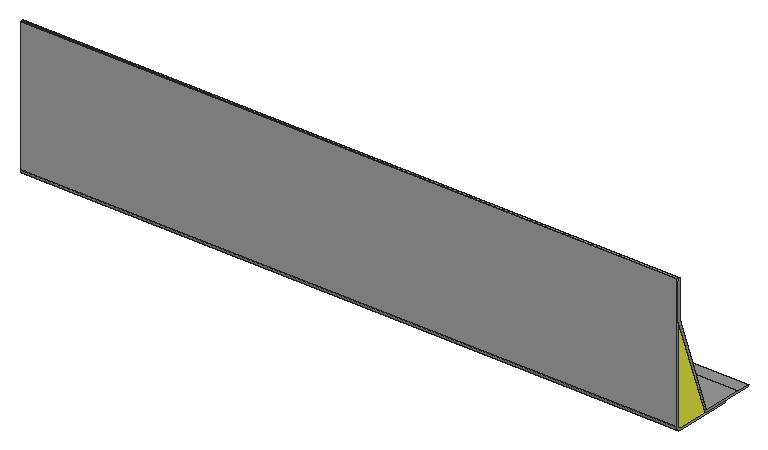
Revit family "XHDT K 70", category Generic Models, Revit 2014
Parameters (values of type "Max lintel length 4800mm")
  URL = "http://www.keystonelintels.co.uk"
  Structural Opening [instance] = 900 mm
  Structural Performance = "The Keystone lintel range has safe working loads as detailed in each applicable loading table in the Keystone Lintel Guide brochure. The structural performance figures within each table have been ascertained by testing in accordance with the requirements of standards BS EN 5977-2: 1983 and BS EN 845-2: 2003."
  RIBA Productor Selector = "available for Keystone Lintels Ltd from Keystone Lintels Ltd from ribaproductselector.com"
  Model = "XHDT/K 70"
  Min Length = 600 mm
  Min Clear Span = 300 mm
  Max Length = 4800 mm
  Max Clear Span = 4800 mm
  Material - Stainless Steel = "Grade 304 2b 1.4307 to BS EN 10088-2. Other grades available on request: contact manufacturer."
  Material - Galvanised Steel = "To BS EN 10346: 2009. DX51D plus Z600 or grade Z275 to BS 5977-2: 1983 (BS EN 845-2: 2003)."
  Manufacturer = "Keystone"
  Manufactured Length [instance] = (roundup(Effective Length / 150 mm) * 150 mm)  # 1200 mm
  Lintel height [instance] = 2100 mm
  Keynote = "F30/755"
  Fire Performance = "Keystone lintels have been subjected to a fire test (WARRES No. 101263) in accordance with BS 476-20: 1987, at Exova Warrington Fire and achieved a one hour fire performance."
  End Bearing = 150 mm
  Effective Length [instance] = Clear Opening with MIN MAX set + End Bearing * 2  # 1200 mm
  Corrosion = "Keystone’s standard range of lintels are manufactured from high quality grade pre-galvanized carbon steel with a zinc coating of 600"
  Contact Tel = "+44 (0)28 8676 2184"
  Contact Email = "info@keystonelintels.co.uk"
  Clear Opening with MIN MAX set [instance] = if(Structural Opening < Min Clear Span, Min Clear Span, (if(Structural Opening > Max Clear Span, Max Clear Span, Structural Opening)))  # 900 mm
  CPD Information = "Available for Keystone Lintels Ltd from ribacpd.com"
Reference planes
  plane 1 "Center (Front/Back)": y = 0
  plane 2: z = 0
  plane 3 "Center (Left/Right)": x = 0
  plane 4: x = -600
  plane 5: x = 600
  plane 6: z = 2100
  plane 7: x = -450
  plane 8: x = 450
Forms (mm)
  Extrusion 1, solid, material "Steel"
    sketch origin (0, 765.227, -488.291) x (0, 1, 0) y (0, 0, 1)
      loop
        line (-660.411, 2588.291) -> (-635.463, 2587.4) -> (-635.349, 2590.598) -> (-660.354, 2591.491) -> (-730.324, 2591.491)
        arc (-730.324, 2591.491) -> (-731.369, 2591.851) -> (-731.973, 2592.777) r 1.7
        line (-731.973, 2592.777) -> (-792.224, 2766.235) -> (-792.224, 2835.391) -> (-795.424, 2835.391) -> (-795.424, 2765.695) -> (-735.03, 2591.826)
        arc (-735.03, 2591.826) -> (-733.267, 2589.273) -> (-730.324, 2588.291) r 4.9
        line (-730.324, 2588.291) -> (-660.411, 2588.291)
    from -600 to 600
  Extrusion 2, solid, material "Steel"
    sketch origin (0, 765.227, -488.291) x (0, 1, 0) y (0, 0, 1)
      loop
        line (-790.424, 2585.091) -> (-689.313, 2585.091) -> (-689.313, 2588.291) -> (-790.424, 2588.291)
        arc (-790.424, 2588.291) -> (-793.959, 2589.756) -> (-795.424, 2593.291) r 5
        line (-795.424, 2593.291) -> (-795.424, 2835.391) -> (-798.624, 2835.391) -> (-798.624, 2593.291)
        arc (-798.624, 2593.291) -> (-796.222, 2587.493) -> (-790.424, 2585.091) r 8.2
    from -600 to 600
  Extrusion 3, solid, material "Insulation"
    sketch origin (0, 765.227, -488.291) x (0, 1, 0) y (0, 0, 1)
      loop
        arc (-730.324, 2588.291) -> (-733.267, 2589.273) -> (-735.03, 2591.826) r 4.9
        line (-735.03, 2591.826) -> (-795.424, 2765.695) -> (-795.424, 2593.291)
        arc (-795.424, 2593.291) -> (-793.959, 2589.756) -> (-790.424, 2588.291) r 5
        line (-790.424, 2588.291) -> (-730.324, 2588.291)
    from -600 to 600
  Extrusion 4, solid, not visible
    sketch origin (0, 966.354, 1328.059) x (0, 1, 0) y (0, 0, 1)
      loop
        line (-660.411, 988.291) -> (-635.463, 987.4) -> (-635.349, 990.598) -> (-660.354, 991.491) -> (-730.324, 991.491)
        arc (-730.324, 991.491) -> (-731.369, 991.851) -> (-731.973, 992.777) r 1.7
        line (-731.973, 992.777) -> (-792.224, 1166.235) -> (-792.224, 1235.391) -> (-795.424, 1235.391) -> (-795.424, 1165.695) -> (-735.03, 991.826)
        arc (-735.03, 991.826) -> (-733.267, 989.273) -> (-730.324, 988.291) r 4.9
        line (-730.324, 988.291) -> (-660.411, 988.291)
    from 0 to 250
  Extrusion 5, solid, not visible
    sketch origin (0, 652.211, 1268.22) x (0, 1, 0) y (0, 0, 1)
      loop
        line (-790.424, 985.091) -> (-689.313, 985.091) -> (-689.313, 988.291) -> (-790.424, 988.291)
        arc (-790.424, 988.291) -> (-793.959, 989.756) -> (-795.424, 993.291) r 5
        line (-795.424, 993.291) -> (-795.424, 1235.391) -> (-798.624, 1235.391) -> (-798.624, 993.291)
        arc (-798.624, 993.291) -> (-796.222, 987.493) -> (-790.424, 985.091) r 8.2
    from 0 to 250
  Extrusion 6, solid, not visible
    sketch origin (0, 1057.365, 824.187) x (0, 1, 0) y (0, 0, 1)
      loop
        arc (-730.324, 988.291) -> (-733.267, 989.273) -> (-735.03, 991.826) r 4.9
        line (-735.03, 991.826) -> (-795.424, 1165.695) -> (-795.424, 993.291)
        arc (-795.424, 993.291) -> (-793.959, 989.756) -> (-790.424, 988.291) r 5
        line (-790.424, 988.291) -> (-730.324, 988.291)
    from 0 to 250
Dimensions and locks
  equal spacing: plane 4, plane 3 "Center (Left/Right)", plane 5
  "Manufactured Length": plane 4 to plane 5
  "Lintel height": plane 6 to level
  "Structural Opening": plane 7 to plane 8
  equal spacing: plane 7, plane 3 "Center (Left/Right)", plane 8
  aligned and locked: level to plane 2
  aligned and locked: Extrusion 1 to plane 6
  aligned and locked: Extrusion 3 to plane 6
  aligned and locked: plane 6 to Extrusion 2
  aligned and locked: plane 5 to Extrusion 2
  aligned and locked: Extrusion 2 to plane 4
  aligned and locked: plane 5 to Extrusion 1
  aligned and locked: Extrusion 1 to plane 4
  aligned and locked: plane 5 to Extrusion 3
  aligned and locked: Extrusion 3 to plane 4
Automatic sketch dimensions
  Extrusion 1 sketch curve to Extrusion 1 sketch curve = 0.114 mm
  Extrusion 1 sketch curve to Extrusion 1 sketch curve = 0.891 mm
  Extrusion 1 sketch curve to Extrusion 1 sketch curve = 0.057 mm
  Extrusion 1 sketch curve to Extrusion 1 sketch curve = 69.97 mm
  Extrusion 1 sketch curve to Extrusion 1 sketch curve = 0 mm  (x4)
  Extrusion 1 sketch curve to Extrusion 1 sketch curve = 4.706 mm
  Extrusion 1 sketch curve to Extrusion 1 sketch curve = 0.335 mm
  Extrusion 1 sketch curve to Extrusion 1 sketch curve = 1.7 mm
  Extrusion 1 sketch curve to Extrusion 1 sketch curve = 60.394 mm
  Extrusion 1 sketch curve to Extrusion 1 sketch curve = 173.868 mm
  Extrusion 1 sketch curve to Extrusion 1 sketch curve = 1.649 mm
  Extrusion 1 sketch curve to Extrusion 1 sketch curve = 3.2 mm
  Extrusion 1 sketch curve to Extrusion 1 sketch curve = 0.54 mm
  Extrusion 1 sketch curve to Extrusion 1 sketch curve = 69.156 mm
  Extrusion 2 sketch curve to Extrusion 2 sketch curve = 101.111 mm
  Extrusion 2 sketch curve to Extrusion 2 sketch curve = 3.2 mm
  Extrusion 2 sketch curve to Extrusion 2 sketch curve = 5 mm
  Extrusion 2 sketch curve to Extrusion 2 sketch curve = 242.1 mm
  Extrusion 3 sketch curve to Extrusion 3 sketch curve = 5 mm
  Extrusion 3 sketch curve to Extrusion 3 sketch curve = 60.1 mm
  Extrusion 3 sketch curve to Extrusion 3 sketch curve = 172.404 mm
  Extrusion 3 sketch curve to Extrusion 3 sketch curve = 0 mm
  Extrusion 3 sketch curve to Extrusion 3 sketch curve = 4.9 mm
  Extrusion 3 sketch curve to Extrusion 3 sketch curve = 4.706 mm
  Extrusion 3 sketch curve to Extrusion 3 sketch curve = 3.535 mm
  Extrusion 4 sketch curve to Extrusion 4 sketch curve = 0.114 mm
  Extrusion 4 sketch curve to Extrusion 4 sketch curve = 0.891 mm
  Extrusion 4 sketch curve to Extrusion 4 sketch curve = 0.057 mm
  Extrusion 4 sketch curve to Extrusion 4 sketch curve = 69.97 mm
  Extrusion 4 sketch curve to Extrusion 4 sketch curve = 0 mm  (x4)
  Extrusion 4 sketch curve to Extrusion 4 sketch curve = 4.706 mm
  Extrusion 4 sketch curve to Extrusion 4 sketch curve = 0.335 mm
  Extrusion 4 sketch curve to Extrusion 4 sketch curve = 1.7 mm
  Extrusion 4 sketch curve to Extrusion 4 sketch curve = 60.394 mm
  Extrusion 4 sketch curve to Extrusion 4 sketch curve = 173.868 mm
  Extrusion 4 sketch curve to Extrusion 4 sketch curve = 1.649 mm
  Extrusion 4 sketch curve to Extrusion 4 sketch curve = 3.2 mm
  Extrusion 4 sketch curve to Extrusion 4 sketch curve = 0.54 mm
  Extrusion 4 sketch curve to Extrusion 4 sketch curve = 69.156 mm
  Extrusion 2 sketch curve to Extrusion 2 sketch curve = 0 mm  (x4)
  Extrusion 5 sketch curve to Extrusion 5 sketch curve = 101.111 mm
  Extrusion 5 sketch curve to Extrusion 5 sketch curve = 3.2 mm
  Extrusion 5 sketch curve to Extrusion 5 sketch curve = 5 mm
  Extrusion 5 sketch curve to Extrusion 5 sketch curve = 0 mm  (x4)
  Extrusion 5 sketch curve to Extrusion 5 sketch curve = 242.1 mm
  Extrusion 6 sketch curve to Extrusion 6 sketch curve = 5 mm
  Extrusion 6 sketch curve to Extrusion 6 sketch curve = 60.1 mm
  Extrusion 6 sketch curve to Extrusion 6 sketch curve = 172.404 mm
  Extrusion 6 sketch curve to Extrusion 6 sketch curve = 0 mm
  Extrusion 6 sketch curve to Extrusion 6 sketch curve = 4.9 mm
  Extrusion 6 sketch curve to Extrusion 6 sketch curve = 4.706 mm
  Extrusion 6 sketch curve to Extrusion 6 sketch curve = 3.535 mm
  Extrusion 2 sketch curve to plane 6 = 0 mm
  plane 1 "Center (Front/Back)" to Extrusion 2 sketch curve = 33.397 mm
  Extrusion 1 sketch curve to plane 6 = 0 mm
  plane 1 "Center (Front/Back)" to Extrusion 1 sketch curve = 30.197 mm
  Extrusion 3 sketch curve to plane 6 = 0 mm
  plane 1 "Center (Front/Back)" to Extrusion 3 sketch curve = 30.197 mm
